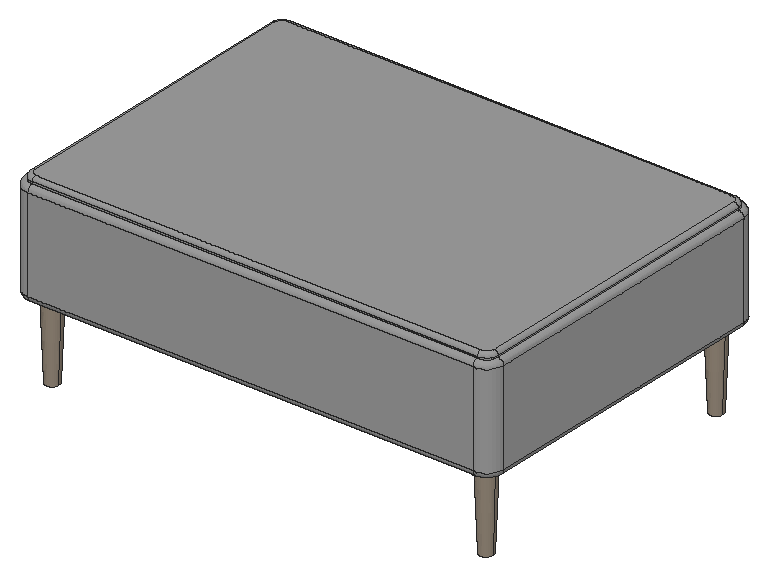
Revit family "Rise_RS-90-SPN-LT_90DegSpannerLamTop", category Furniture, Revit 2021
Family settings
  OmniClass Number = 23.40.20.00
  OmniClass Title = General Furniture and Specialties
  Work Plane-Based = No
  Always vertical = Yes
  Cut with Voids When Loaded = No
  Shared = No
  Room Calculation Point = No
Parameters
  width = 43"
  seat top = wood finish 19
  seat material = Fabric 19i
  seat height = 16 1/2"
  front width = 8"
  depth = 30"
  Default Elevation = 0"
  Base material = wooden base 19
Reference planes (in)
  plane 1 "Center Front/Back": y = 0
  plane 2: z = 0
  plane 3 "Center Left/Right": x = 0
  plane 4: y = 15
  plane 5: y = -15
  plane 6: x = -21.5
  plane 7: x = 21.5
  plane 8: z = 16.5
  plane 9: z = 7.125
  plane 10: z = 17
Forms (in)
  Blend 1, solid, material "wooden base 19" <- "Base material", not visible
    base sketch origin (-54.96047, -8.1264, 0) x (1, 0, 0) y (0, 1, 0)
      loop
        circle (63.95812, 0.96991) r 0.875
    top sketch origin (-54.96047, -8.1264, 0) x (1, 0, 0) y (0, 1, 0)
      loop
        circle (63.95812, 0.96991) r 0.62593
    from 7.12323 to 0
  Extrusion 2, void, not visible
    sketch origin (-14.90551, -5.70989, 0) x (1, 0, 0) y (0, 1, 0)
      loop
        circle (23.90316, -1.4466) r 0.3906
    from 0 to 7.12323
  Blend 3, solid, material "wooden base 19" <- "Base material"
    base sketch origin (-83.46292, -13.88637, 0) x (1, 0, 0) y (0, 1, 0)
      loop
        circle (63.95812, 26.80283) r 0.875
    top sketch origin (-83.46292, -13.88637, 0) x (1, 0, 0) y (0, 1, 0)
      loop
        circle (63.95812, 26.80283) r 0.62593
    from 7.12323 to 0
  Extrusion 4, void
    sketch origin (-43.40796, -11.46986, 0) x (1, 0, 0) y (0, 1, 0)
      loop
        circle (23.90316, 24.38632) r 0.3906
    from 0 to 7.12323
  Extrusion 5, solid, material "Fabric 19i" <- "seat material"
    sketch origin (0, 0, 0) x (1, 0, 0) y (0, 1, 0)
      loop
        line (-21.5, 13.5) -> (-21.5, -13.5)
        arc (-21.5, -13.5) -> (-21.06066, -14.56066) -> (-20, -15) r 1.5
        line (-20, -15) -> (20, -15)
        arc (20, -15) -> (21.06066, -14.56066) -> (21.5, -13.5) r 1.5
        line (21.5, -13.5) -> (21.5, 13.5)
        arc (21.5, 13.5) -> (21.06066, 14.56066) -> (20, 15) r 1.5
        line (20, 15) -> (-20, 15)
        arc (-20, 15) -> (-21.06066, 14.56066) -> (-21.5, 13.5) r 1.5
    from 7.125 to 16.5
  Sweep 6, void
    path in 3D
      loop
        arc (21.5, 13.5, 16.5) -> (21.06066, 14.56066, 16.5) -> (20, 15, 16.5) r 1.5
        line (20, 15, 16.5) -> (-20, 15, 16.5)
        arc (-20, 15, 16.5) -> (-21.06066, 14.56066, 16.5) -> (-21.5, 13.5, 16.5) r 1.5
        line (-21.5, 13.5, 16.5) -> (-21.5, -13.5, 16.5)
        arc (-21.5, -13.5, 16.5) -> (-21.06066, -14.56066, 16.5) -> (-20, -15, 16.5) r 1.5
        line (-20, -15, 16.5) -> (20, -15, 16.5)
        arc (20, -15, 16.5) -> (21.06066, -14.56066, 16.5) -> (21.5, -13.5, 16.5) r 1.5
        line (21.5, -13.5, 16.5) -> (21.5, 13.5, 16.5)
    profile origin (21.5, 0, 16.5) x (-1, 0, 0) y (0, 0, 1)
      loop
        line (0, 0) -> (0, -0.5)
        arc (0, -0.5) -> (0.14645, -0.14645) -> (0.5, 0) r 0.5
        line (0.5, 0) -> (0, 0)
  Sweep 7, void
    path in 3D
      loop
        arc (-21.5, 13.5, 7.125) -> (-21.06066, 14.56066, 7.125) -> (-20, 15, 7.125) r 1.5
        line (-20, 15, 7.125) -> (20, 15, 7.125)
        arc (20, 15, 7.125) -> (21.06066, 14.56066, 7.125) -> (21.5, 13.5, 7.125) r 1.5
        line (21.5, 13.5, 7.125) -> (21.5, -13.5, 7.125)
        arc (21.5, -13.5, 7.125) -> (21.06066, -14.56066, 7.125) -> (20, -15, 7.125) r 1.5
        line (20, -15, 7.125) -> (-20, -15, 7.125)
        arc (-20, -15, 7.125) -> (-21.06066, -14.56066, 7.125) -> (-21.5, -13.5, 7.125) r 1.5
        line (-21.5, -13.5, 7.125) -> (-21.5, 13.5, 7.125)
    profile origin (-21.5, 0, 7.125) x (1, 0, 0) y (0, 0, -1)
      loop
        line (0, 0) -> (0, -0.5)
        arc (0, -0.5) -> (0.14645, -0.14645) -> (0.5, 0) r 0.5
        line (0.5, 0) -> (0, 0)
  Extrusion 8, solid, material "wood finish 19" <- "seat top"
    sketch origin (0, 0, 9.375) x (1, 0, 0) y (0, 1, 0)
      loop
        line (-20, -14.5) -> (20, -14.5)
        arc (20, -14.5) -> (20.70711, -14.20711) -> (21, -13.5) r 1
        line (21, -13.5) -> (21, 13.5)
        arc (21, 13.5) -> (20.70711, 14.20711) -> (20, 14.5) r 1
        line (20, 14.5) -> (-20, 14.5)
        arc (-20, 14.5) -> (-20.70711, 14.20711) -> (-21, 13.5) r 1
        line (-21, 13.5) -> (-21, -13.5)
        arc (-21, -13.5) -> (-20.70711, -14.20711) -> (-20, -14.5) r 1
    from 7.125 to 7.625
  Sweep 9, void
    path in 3D
      loop
        arc (-20, 14.5, 17) -> (-20.70711, 14.20711, 17) -> (-21, 13.5, 17) r 1
        line (-21, 13.5, 17) -> (-21, -13.5, 17)
        arc (-21, -13.5, 17) -> (-20.70711, -14.20711, 17) -> (-20, -14.5, 17) r 1
        line (-20, -14.5, 17) -> (20, -14.5, 17)
        arc (20, -14.5, 17) -> (20.70711, -14.20711, 17) -> (21, -13.5, 17) r 1
        line (21, -13.5, 17) -> (21, 13.5, 17)
        arc (21, 13.5, 17) -> (20.70711, 14.20711, 17) -> (20, 14.5, 17) r 1
        line (20, 14.5, 17) -> (-20, 14.5, 17)
    profile origin (0, 14.5, 17) x (0, -1, 0) y (0, 0, 1)
      loop
        line (0, 0) -> (0, -0.375)
        arc (0, -0.375) -> (0.10983, -0.10983) -> (0.375, 0) r 0.375
        line (0.375, 0) -> (0, 0)
  Blend 10, solid, material "wooden base 19" <- "Base material"
    base sketch origin (83.46292, 13.88637, 0) x (-1, 0, 0) y (0, -1, 0)
      loop
        circle (63.95812, 0.96991) r 0.875
    top sketch origin (83.46292, 13.88637, 0) x (-1, 0, 0) y (0, -1, 0)
      loop
        circle (63.95812, 0.96991) r 0.62593
    from 7.12323 to 0
  Extrusion 11, void
    sketch origin (43.40796, 11.46986, 0) x (-1, 0, 0) y (0, -1, 0)
      loop
        circle (23.90316, -1.4466) r 0.3906
    from 0 to 7.12323
  Blend 12, solid, material "wooden base 19" <- "Base material"
    base sketch origin (-83.46292, 13.88637, 0) x (1, 0, 0) y (0, 1, 0)
      loop
        circle (63.95812, -26.80283) r 0.875
    top sketch origin (-83.46292, 13.88637, 0) x (1, 0, 0) y (0, 1, 0)
      loop
        circle (63.95812, -26.80283) r 0.62593
    from 7.12323 to 0
  Extrusion 13, void
    sketch origin (-43.40796, 11.46986, 0) x (1, 0, 0) y (0, 1, 0)
      loop
        circle (23.90316, -24.38632) r 0.3906
    from 0 to 7.12323
  Blend 14, solid, material "wooden base 19" <- "Base material"
    base sketch origin (83.46292, -13.88637, 0) x (-1, 0, 0) y (0, -1, 0)
      loop
        circle (63.95812, -0.96991) r 0.875
    top sketch origin (83.46292, -13.88637, 0) x (-1, 0, 0) y (0, -1, 0)
      loop
        circle (63.95812, -0.96991) r 0.62593
    from 7.12323 to 0
  Extrusion 15, void
    sketch origin (43.40796, -11.46986, 0) x (-1, 0, 0) y (0, -1, 0)
      loop
        circle (23.90316, 1.4466) r 0.3906
    from 0 to 7.12323
Cuts and joins
  Extrusion 4, Extrusion 11, Extrusion 13 cuts Blend 3
  Sweep 9 cuts Extrusion 8
  Sweep 6, Sweep 7, Extrusion 11, Extrusion 13, Extrusion 15 cuts Extrusion 5
  Extrusion 11, Extrusion 15 cuts Blend 10
  Extrusion 13 cuts Blend 12
  Extrusion 15 cuts Blend 14
Lines and regions (in)
  sketch lines
    curve 1: line (20, 14.5, 17) -> (-20, 14.5, 17)
    curve 2: line (-20, -14.5, 17) -> (20, -14.5, 17)
    curve 3: arc (21, -13.5, 17) -> (20.70711, -14.20711, 17) -> (20, -14.5, 17) r 1
    curve 4: line (21, -13.5, 17) -> (21, 13.5, 17)
    curve 5: arc (20, 14.5, 17) -> (20.70711, 14.20711, 17) -> (21, 13.5, 17) r 1
    curve 6: line (-21, 13.5, 17) -> (-21, -13.5, 17)
    curve 7: arc (-21, 13.5, 17) -> (-20.70711, 14.20711, 17) -> (-20, 14.5, 17) r 1
    curve 8: arc (-20, -14.5, 17) -> (-20.70711, -14.20711, 17) -> (-21, -13.5, 17) r 1
    curve 9: line (21.5, -13.5, 16.5) -> (21.5, 13.5, 16.5)
    curve 10: arc (20, 15, 16.5) -> (21.06066, 14.56066, 16.5) -> (21.5, 13.5, 16.5) r 1.5
    curve 11: arc (21.5, -13.5, 16.5) -> (21.06066, -14.56066, 16.5) -> (20, -15, 16.5) r 1.5
    curve 12: line (-20, -15, 16.5) -> (20, -15, 16.5)
    curve 13: arc (-20, -15, 16.5) -> (-21.06066, -14.56066, 16.5) -> (-21.5, -13.5, 16.5) r 1.5
    curve 14: line (-21.5, 13.5, 16.5) -> (-21.5, -13.5, 16.5)
    curve 15: arc (-21.5, 13.5, 16.5) -> (-21.06066, 14.56066, 16.5) -> (-20, 15, 16.5) r 1.5
    curve 16: line (20, 15, 16.5) -> (-20, 15, 16.5)
    curve 17: line (-21.5, -13.5, 7.125) -> (-21.5, 13.5, 7.125)
    curve 18: arc (-20, 15, 7.125) -> (-21.06066, 14.56066, 7.125) -> (-21.5, 13.5, 7.125) r 1.5
    curve 19: arc (-21.5, -13.5, 7.125) -> (-21.06066, -14.56066, 7.125) -> (-20, -15, 7.125) r 1.5
    curve 20: line (20, -15, 7.125) -> (-20, -15, 7.125)
    curve 21: arc (20, -15, 7.125) -> (21.06066, -14.56066, 7.125) -> (21.5, -13.5, 7.125) r 1.5
    curve 22: line (21.5, 13.5, 7.125) -> (21.5, -13.5, 7.125)
    curve 23: arc (21.5, 13.5, 7.125) -> (21.06066, 14.56066, 7.125) -> (20, 15, 7.125) r 1.5
    curve 24: line (-20, 15, 7.125) -> (20, 15, 7.125)
Dimensions and locks (in)
  equal spacing: plane 6, plane 3 "Center Left/Right", plane 7
  equal spacing: plane 4, plane 1 "Center Front/Back", plane 5
  "depth": plane 4 to plane 5
  "width": plane 6 to plane 7
  "seat height": plane 8 to level
  plane 9 to level = 7 1/8"
  diameter of Blend 1 sketch curve = 1.25187"
  diameter of Extrusion 2 sketch curve = 0.7812"
  diameter of Blend 3 sketch curve = 1.25187"
  diameter of Extrusion 4 sketch curve = 0.7812"
  diameter of Blend 10 sketch curve = 1.25187"
  diameter of Extrusion 11 sketch curve = 0.7812"
  diameter of Blend 12 sketch curve = 1.25187"
  diameter of Extrusion 13 sketch curve = 0.7812"
  diameter of Blend 14 sketch curve = 1.25187"
  diameter of Extrusion 15 sketch curve = 0.7812"
  aligned and locked: level to plane 2
  aligned and locked: plane 8 to Extrusion 5
  aligned and locked: plane 10 to Extrusion 8
  aligned and locked: Extrusion 8 to plane 8
  aligned and locked: Extrusion 5 sketch curve to plane 6
  aligned and locked: Extrusion 5 sketch curve to plane 5
  aligned and locked: Extrusion 5 sketch curve to plane 7
  aligned and locked: Extrusion 5 sketch curve to plane 4
Automatic sketch dimensions
  Extrusion 5 sketch curve to plane 4 = 1 1/2"
  plane 6 to Extrusion 5 sketch curve = 1 1/2"
  Extrusion 5 sketch curve to plane 7 = 1 1/2"
  Extrusion 5 sketch curve to Extrusion 5 sketch curve = 1 1/2"
  Extrusion 8 sketch curve to plane 7 = 1/2"
  Extrusion 8 sketch curve to plane 4 = 1/2"
  Extrusion 8 sketch curve to Extrusion 8 sketch curve = 1"  (x2)
  plane 6 to Extrusion 8 sketch curve = 1 1/2"  (x2)
  plane 5 to Extrusion 8 sketch curve = 1/2"
  plane 6 to Extrusion 8 sketch curve = 1/2"
  Sweep 6 sketch curve to profile plane = 0"  (x2)
  Sweep 6 sketch curve to Sweep 6 sketch curve = 1/2"
  profile plane to Sweep 7 sketch curve = 0"
  Sweep 7 sketch curve to profile plane = 0"
  Sweep 7 sketch curve to profile plane = 1/2"
  Sweep 9 sketch curve to profile plane = 0"  (x2)
  Sweep 9 sketch curve to profile plane = 3/8"
  plane 6 to Blend 12 sketch curve = 1.99521"  (x2)
  plane 5 to Blend 12 sketch curve = 2.08354"  (x2)
  plane 6 to Extrusion 13 sketch curve = 1.99521"
  plane 5 to Extrusion 13 sketch curve = 2.08354"
  Blend 14 sketch curve to plane 7 = 1.99521"  (x2)
  plane 5 to Blend 14 sketch curve = 2.08354"  (x2)
  Extrusion 15 sketch curve to plane 7 = 1.99521"
  plane 5 to Extrusion 15 sketch curve = 2.08354"
  radius of Blend 1 sketch curve = 7/8"
  radius of Blend 3 sketch curve = 7/8"
  radius of Blend 10 sketch curve = 7/8"
  radius of Blend 12 sketch curve = 7/8"
  radius of Blend 14 sketch curve = 7/8"
